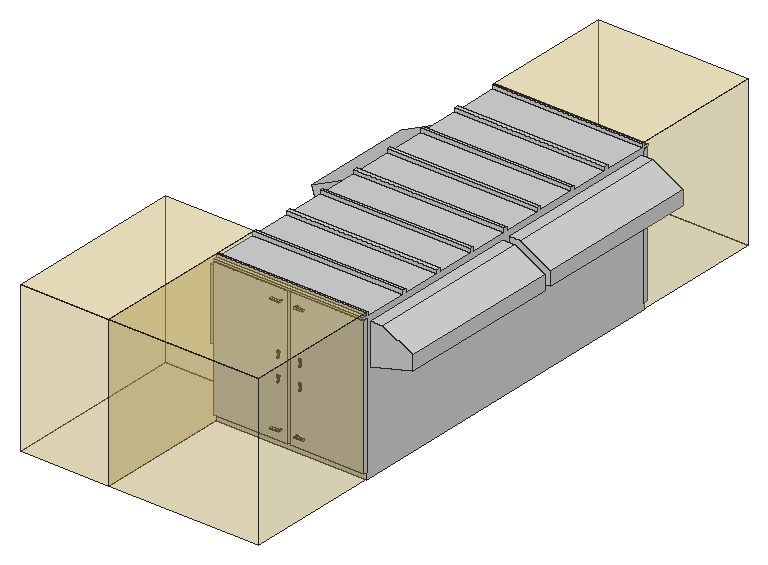
Revit family "Ventilator-RenewAire-Energy-Recovery-LE8XRTV", category Mechanical Equipment, Revit 2015
Parameters (values of type "3.0 HP 208-230V Single Phase")
  Voltage = "208-230"
  Ventilation Type = "Static Plate, Heat and Humidity Transfer"
  Unit Width = "165-1/2\""
  Unit Weight - Modular = "1,311-1806 lbs."
  Unit Weight - Assembled = "2,625-3,453 lbs."
  Unit Length = "111-1/4\""
  Unit Height = "71-1/4\""
  Unit = Metal - RenewAire - Anodized - Gray Text
  URL = "www.renewaire.com"
  Typical Airflow Range = "2,000 - 8,800 CFM"
  Standard Features = "TEFC Premium efficiency motors, Motor starters, Non-fused disconnect, 24 VAC transformer/relay package"
  Shipping Weight - Assembled = "3,812 lbs."
  Service Area Visibility = yes
  Service Area Box = Interference - RenewAire - Smooth - Light - Gold
  Revit Object Download Link = ""
  Phase = "Single"
  Options = "Integrated programmable controls, Fused disconnect, Double wall construction, Factory supplied and mounted variable frequency drives (VFDs) - one or both airstreams, Class 1 low-leakage motorized isolation dampers - OA, RA or both airstreams, Qty. 2 Factory mounted filter alarms, Exterior Paint - white, custom colors, Spring Vibration Isolators"
  Number Motors = "Qty. 2, Belt drive blower/ standard motor packages with choice of adjustable sheaves for low, medium or high blower speed"
  Model = "LE8XRTV"
  Minimum Circuit Amps = "33.1 A"
  Maximum Overcurrent Protection = "40 A"
  Max. Shipping Height - Modular = "78\""
  Max. Shipping Width - Assembled = "90\""
  Max. Shipping Weight - Module 2 = "1,917 lbs."
  Max. Shipping Weight - Module 1 = "1,986 lbs."
  Max. Shipping Width - Modular = "90\""
  Max. Shipping Length - Assembled = "200\""
  Max. Shipping Length - Modular = "100\""
  Max. Shipping Height - Assembled = "78\""
  Manufacturer = "RenewAire LLC"
  Frequency = "60 HZ"
  FLA per Motor = "14.7 - 14"
  Description = "Energy Recovery Ventilator"
  Connector Base Material = Glass - With - Transparency
  Accessories = "Filters - MERV 13, 2\" or 4\"; MERV 8, 4\"  (shipped loose), Roof curb - standard 14\", Curb wind clip, Engineered combo curb for Carrier RTU, Engineered combo curb for Trane RTU, Digital time clock - wall mount(TC7D-W), in exterior enclosure (TC7D-E), Motion occupancy control - ceiling mount(MC-C), wall mount(MC-W), Carbon Dioxide control - duct mount(CO2-D), wall mount (CO2-W), Electric duct heater – EK series (1-60 kW), EH series (61-175 kW); designed for indoor ductwork installation only, Indirect gas-fired duct furnace - GH series (50-400 MBH), installed downstream of any fans"
  AHRI 1060 Certified Core = "Eight L125-G5"
Types (11): name | Voltage | Phase | Minimum Circuit Amps | Maximum Overcurrent Protection | FLA per Motor | Accessories
  (no name) | "208-230" | "Single" | "33.1 A" | "40 A" | "14.7 - 14" | "Filters - MERV 13, 2\" or 4\"; MERV 8, 4\"  (shipped loose), Roof curb - standard 14\", Curb wind clip, Engineered combo curb for Carrier RTU, Engineered combo curb for Trane RTU, Digital time clock - wall mount(TC7D-W), in exterior enclosure (TC7D-E), Motion occupancy control - ceiling mount(MC-C), wall mount(MC-W), Carbon Dioxide control - duct mount(CO2-D), wall mount (CO2-W), Electric duct heater – EK series (1-60 kW), EH series (61-175 kW); designed for indoor ductwork installation only, Indirect gas-fired duct furnace - GH series (50-400 MBH), installed downstream of any fans"
  3.0 HP 208-230V Single Phase | "208-230" | "Single" | "33.1 A" | "40 A" | "14.7 - 14" | "Filters - MERV 13, 2\" or 4\"; MERV 8, 4\"  (shipped loose), Roof curb - standard 14\", Curb wind clip, Engineered combo curb for Carrier RTU, Engineered combo curb for Trane RTU, Digital time clock - wall mount(TC7D-W), in exterior enclosure (TC7D-E), Motion occupancy control - ceiling mount(MC-C), wall mount(MC-W), Carbon Dioxide control - duct mount(CO2-D), wall mount (CO2-W), Electric duct heater – EK series (1-60 kW), EH series (61-175 kW); designed for indoor ductwork installation only, Indirect gas-fired duct furnace - GH series (50-400 MBH), installed downstream of any fans"
  3.0 HP 208-230V Three Phase | "208-230" | "Three" | "21.1 A" | "25 A" | "9.38-8.48" | "Filters - MERV 13, 2\" or 4\"; MERV 8, 4\"  (shipped loose), Roof curb - standard 14\", Curb wind clip, Engineered combo curb for Carrier RTU, Engineered combo curb for Trane RTU, Digital time clock - wall mount(TC7D-W), in exterior enclosure (TC7D-E), Motion occupancy control - ceiling mount(MC-C), wall mount(MC-W), Carbon Dioxide control - duct mount(CO2-D), wall mount (CO2-W), Electric duct heater – EK series (1-60 kW); designed for indoor ductwork installation only, EH series (61-175 kW), Indirect gas-fired duct furnace - GH series (50-400 MBH), installed downstream of any fans"
  3.0 HP 460V Three Phase | "460" | "Three" | "9.5 A" | "15 A" | "4.24" | "Filters - MERV 13, 2\" or 4\"; MERV 8, 4\"  (shipped loose), Roof curb - standard 14\", Curb wind clip, Engineered combo curb for Carrier RTU, Engineered combo curb for Trane RTU, Digital time clock - wall mount(TC7D-W), in exterior enclosure (TC7D-E), Motion occupancy control - ceiling mount(MC-C), wall mount(MC-W), Carbon Dioxide control - duct mount(CO2-D), wall mount (CO2-W), Electric duct heater – EK series (1-60 kW); designed for indoor ductwork installation only, EH series (61-175 kW), Indirect gas-fired duct furnace - GH series (50-400 MBH), installed downstream of any fans"
  3.0 HP 575V Three Phase | "575" | "Three" | "7.4 A" | "15 A" | "3.3" | "Filters - MERV 13, 2\" or 4\"; MERV 8, 4\"  (shipped loose), Roof curb - standard 14\", Curb wind clip, Engineered combo curb for Carrier RTU, Engineered combo curb for Trane RTU, Digital time clock - wall mount(TC7D-W), in exterior enclosure (TC7D-E), Motion occupancy control - ceiling mount(MC-C), wall mount(MC-W), Carbon Dioxide control - duct mount(CO2-D), wall mount (CO2-W), Electric duct heater – EK series (1-60 kW); designed for indoor ductwork installation only, EH series (61-175 kW), Indirect gas-fired duct furnace - GH series (50-400 MBH), installed downstream of any fans"
  5.0 HP 208-230V Three Phase | "208-230" | "Three" | "32.6 A" | "45 A" | "14.5-13.4" | "Filters - MERV 13, 2\" or 4\"; MERV 8, 4\"  (shipped loose), Roof curb - standard 14\", Curb wind clip, Engineered combo curb for Carrier RTU, Engineered combo curb for Trane RTU, Digital time clock - wall mount(TC7D-W), in exterior enclosure (TC7D-E), Motion occupancy control - ceiling mount(MC-C), wall mount(MC-W), Carbon Dioxide control - duct mount(CO2-D), wall mount (CO2-W), Electric duct heater – EK series (1-60 kW); designed for indoor ductwork installation only, EH series (61-175 kW), Indirect gas-fired duct furnace - GH series (50-400 MBH), installed downstream of any fans"
  5.0 HP 460V Three Phase | "460" | "Three" | "15.1 A" | "20 A" | "6.7" | "Filters - MERV 13, 2\" or 4\"; MERV 8, 4\"  (shipped loose), Roof curb - standard 14\", Curb wind clip, Engineered combo curb for Carrier RTU, Engineered combo curb for Trane RTU, Digital time clock - wall mount(TC7D-W), in exterior enclosure (TC7D-E), Motion occupancy control - ceiling mount(MC-C), wall mount(MC-W), Carbon Dioxide control - duct mount(CO2-D), wall mount (CO2-W), Electric duct heater – EK series (1-60 kW); designed for indoor ductwork installation only, EH series (61-175 kW), Indirect gas-fired duct furnace - GH series (50-400 MBH), installed downstream of any fans"
  5.0 HP 575V Three Phase | "575" | "Three" | "11.9 A" | "15 A" | "5.3" | "Filters - MERV 13, 2\" or 4\"; MERV 8, 4\"  (shipped loose), Roof curb - standard 14\", Curb wind clip, Engineered combo curb for Carrier RTU, Engineered combo curb for Trane RTU, Digital time clock - wall mount(TC7D-W), in exterior enclosure (TC7D-E), Motion occupancy control - ceiling mount(MC-C), wall mount(MC-W), Carbon Dioxide control - duct mount(CO2-D), wall mount (CO2-W), Electric duct heater – EK series (1-60 kW); designed for indoor ductwork installation only, EH series (61-175 kW), Indirect gas-fired duct furnace - GH series (50-400 MBH), installed downstream of any fans"
  7.5 HP 208-230V Three Phase | "208-230" | "Three" | "47.3 A" | "60 A" | "21.0-19.0" | "Filters - MERV 13, 2\" or 4\"; MERV 8, 4\"  (shipped loose), Roof curb - standard 14\", Curb wind clip, Engineered combo curb for Carrier RTU, Engineered combo curb for Trane RTU, Digital time clock - wall mount(TC7D-W), in exterior enclosure (TC7D-E), Motion occupancy control - ceiling mount(MC-C), wall mount(MC-W), Carbon Dioxide control - duct mount(CO2-D), wall mount (CO2-W), Electric duct heater – EK series (1-60 kW); designed for indoor ductwork installation only, EH series (61-175 kW), Indirect gas-fired duct furnace - GH series (50-400 MBH), installed downstream of any fans\r\nFilters - MERV 13, 2\" or 4\"; MERV 8, 4\"  (shipped loose), Roof curb - standard 14\", Curb wind clip, Engineered combo curb for Carrier RTU, Engineered combo curb for Trane RTU, Digital time clock - wall mount(TC7D-W), in exterior enclosure (TC7D-E), Motion occupancy control - ceiling mount(MC-C), wall mount(MC-W), Carbon Dioxide control - duct mount(CO2-D), wall mount (CO2-W), Electric duct heater – EK series (1-60 kW); designed for indoor ductwork installation only, EH series (61-175 kW), Indirect gas-fired duct furnace - GH series (50-400 MBH), installed downstream of any fans"
  7.5 HP 460V Three Phase | "460" | "Three" | "21.4 A" | "25 A" | "9.5" | "Filters - MERV 13, 2\" or 4\"; MERV 8, 4\"  (shipped loose), Roof curb - standard 14\", Curb wind clip, Engineered combo curb for Carrier RTU, Engineered combo curb for Trane RTU, Digital time clock - wall mount(TC7D-W), in exterior enclosure (TC7D-E), Motion occupancy control - ceiling mount(MC-C), wall mount(MC-W), Carbon Dioxide control - duct mount(CO2-D), wall mount (CO2-W), Electric duct heater – EK series (1-60 kW); designed for indoor ductwork installation only, EH series (61-175 kW), Indirect gas-fired duct furnace - GH series (50-400 MBH), installed downstream of any fans"
  7.5 HP 575V Three Phase | "575" | "Three" | "17.1 A" | "20 A" | "7.6" | "Filters - MERV 13, 2\" or 4\"; MERV 8, 4\"  (shipped loose), Roof curb - standard 14\", Curb wind clip, Engineered combo curb for Carrier RTU, Engineered combo curb for Trane RTU, Digital time clock - wall mount(TC7D-W), in exterior enclosure (TC7D-E), Motion occupancy control - ceiling mount(MC-C), wall mount(MC-W), Carbon Dioxide control - duct mount(CO2-D), wall mount (CO2-W), Electric duct heater – EK series (1-60 kW); designed for indoor ductwork installation only, EH series (61-175 kW), Indirect gas-fired duct furnace - GH series (50-400 MBH), installed downstream of any fans"
Reference planes (in)
  plane 1 "Center (Front/Back)": y = 0
  plane 2: z = 0
  plane 3 "Center (Left/Right)": x = 0
Forms (in)
  Extrusion 1, solid, material "Metal - RenewAire - Anodized - Gray Text"
    sketch origin (-0.48313, -25.9375, 75.0345) x (1, 0, 0) y (0, 0, -1)
      loop
        circle (-3.25, 67.0345) r 0.25
    from -56.3125 to -55.5625
  Extrusion 2, solid, material "Metal - RenewAire - Anodized - Gray Text"
    sketch origin (-0.48313, -25.9375, 75.0345) x (0, 1, 0) y (0, 0, -1)
      loop
        line (-56.3125, 67.2845) -> (-57.1875, 67.2845) -> (-57.1875, 66.7845) -> (-56.3125, 66.7845) -> (-56.3125, 67.2845)
    from 2.95437 to 7.02735
  Extrusion 3, solid, material "Metal - RenewAire - Anodized - Gray Text"
    sketch origin (-0.4375, -25.9375, 128.569) x (1, 0, 0) y (0, 0, -1)
      loop
        circle (-3.25, 67.0345) r 0.25
    from -56.3125 to -55.5625
  Extrusion 4, solid, material "Metal - RenewAire - Anodized - Gray Text"
    sketch origin (-0.48313, -25.9375, 128.569) x (0, 1, 0) y (0, 0, -1)
      loop
        line (-56.3125, 67.2845) -> (-57.1875, 67.2845) -> (-57.1875, 66.7845) -> (-56.3125, 66.7845) -> (-56.3125, 67.2845)
    from 2.95437 to 7.02735
  Extrusion 5, solid, material "Interference - RenewAire - Smooth - Light - Gold", visible <- "Service Area Visibility"
    sketch origin (19.25, -20, 0) x (1, 0, 0) y (0, 1, 0)
      loop
        line (-53.875, -38.125) -> (-94.8125, -38.125) -> (-94.8125, -122.25) -> (-53.875, -122.25) -> (-53.875, -38.125)
    from 0 to 69.25
  Extrusion 6, solid, material "Interference - RenewAire - Smooth - Light - Gold", visible <- "Service Area Visibility"
    sketch origin (0, -65.75, 0) x (1, 0, 0) y (0, 1, 0)
      loop
        line (34.625, -14.25) -> (-34.625, -14.25) -> (-34.625, -76.5) -> (34.625, -76.5) -> (34.625, -14.25)
    from 0 to 69.25
  Extrusion 7, solid, material "Metal - RenewAire - Anodized - Gray Text"
    sketch origin (0, 0, 0) x (0, 1, 0) y (0, 0, 1)
      loop
        line (79.25, 67.5) -> (58.95, 67.5) -> (58.95, 69.25) -> (57.45, 69.25) -> (57.45, 67.5) -> (39.55, 67.5) -> (39.55, 69.25) -> (38.05, 69.25) -> (38.05, 67.5) -> (20.15, 67.5) -> (20.15, 69.25) -> (18.65, 69.25) -> (18.65, 67.5) -> (0.75, 67.5) -> (0.75, 69.25) -> (-0.75, 69.25) -> (-0.75, 67.5) -> (-18.65, 67.5) -> (-18.65, 69.25) -> (-20.15, 69.25) -> (-20.15, 67.5) -> (-38.05, 67.5) -> (-38.05, 69.25) -> (-39.55, 69.25) -> (-39.55, 67.5) -> (-57.525, 67.5) -> (-57.525, 69.25) -> (-59.025, 69.25) -> (-59.025, 67.5) -> (-79.25, 67.5) -> (-79.25, 69.25) -> (-80, 69.25) -> (-80, 67.75) -> (-82, 67.75) -> (-82, 67) -> (-80, 67) -> (-80, 0) -> (80, 0) -> (80, 67) -> (82, 67) -> (82, 67.75) -> (80, 67.75) -> (80, 69.25) -> (79.25, 69.25) -> (79.25, 67.5)
    from -34.625 to 34.625
  Extrusion 8, solid, material "Interference - RenewAire - Smooth - Light - Gold", visible <- "Service Area Visibility"
    sketch origin (0, -12.65268, 0) x (1, 0, 0) y (0, 1, 0)
      loop
        line (34.625, 152.90268) -> (-34.625, 152.90268) -> (-34.625, 92.65268) -> (34.625, 92.65268) -> (34.625, 152.90268)
    from 0 to 69.25
  Extrusion 9, solid, material "Metal - RenewAire - Anodized - Gray Text"
    sketch origin (0, 0, 0) x (1, 0, 0) y (0, 0, 1)
      loop
        line (-34.625, 66.5) -> (-34.625, 3) -> (-0.5625, 3) -> (-0.5625, 66.5) -> (-34.625, 66.5)
    from 80 to 81.5
  Extrusion 10, solid, material "Metal - RenewAire - Anodized - Gray Text"
    sketch origin (-6.80202, 0, 0) x (1, 0, 0) y (0, 0, 1)
      loop
        line (7.36452, 66.5) -> (7.36452, 3) -> (41.42702, 3) -> (41.42702, 66.5) -> (7.36452, 66.5)
    from 80 to 81.5
  Extrusion 11, solid, material "Metal - RenewAire - Anodized - Gray Text"
    sketch origin (0, 0, 0) x (1, 0, 0) y (0, 0, 1)
      loop
        line (-34.625, 66.5) -> (-34.625, 3) -> (-0.5625, 3) -> (-0.5625, 66.5) -> (-34.625, 66.5)
    from -81.5 to -80
  Extrusion 12, solid, material "Metal - RenewAire - Anodized - Gray Text"
    sketch origin (-6.80202, 0, 0) x (1, 0, 0) y (0, 0, 1)
      loop
        line (7.36452, 66.5) -> (7.36452, 3) -> (41.42702, 3) -> (41.42702, 66.5) -> (7.36452, 66.5)
    from -81.5 to -80
  Extrusion 13, solid, material "Metal - RenewAire - Anodized - Gray Text"
    sketch origin (0, -20, 0) x (0, 1, 0) y (0, 0, 1)
      loop
        line (-38.125, 62) -> (-57.5, 62) -> (-57.5, 29.625) -> (-38.125, 29.625) -> (-38.125, 62)
    from -39.5625 to -34.625
  Extrusion 14, solid, material "Metal - RenewAire - Anodized - Gray Text"
    sketch origin (0, -20, 0) x (0, 1, 0) y (0, 0, 1)
      loop
        line (-49, 43.625) -> (-51.5, 43.625) -> (-51.5, 41.125) -> (-49, 41.125) -> (-49, 43.625)
    from -39.8125 to -39.5625
  Extrusion 15, solid, material "Metal - RenewAire - Anodized - Gray Text"
    sketch origin (0, -20, 0) x (0, 1, 0) y (0, 0, 1)
      loop
        circle (-50.24745, 42.375) r 1
    from -40.8125 to -39.8125
  Extrusion 16, solid, material "Metal - RenewAire - Anodized - Gray Text"
    sketch origin (0.48313, -25.9375, 75.0345) x (-1, 0, 0) y (0, 0, 1)
      loop
        circle (-3.25, -67.0345) r 0.25
    from -56.3125 to -55.5625
  Extrusion 17, solid, material "Metal - RenewAire - Anodized - Gray Text"
    sketch origin (0.48313, -25.9375, 75.0345) x (0, 1, 0) y (0, 0, 1)
      loop
        line (-56.3125, -67.2845) -> (-56.3125, -66.7845) -> (-57.1875, -66.7845) -> (-57.1875, -67.2845) -> (-56.3125, -67.2845)
    from 2.95437 to 7.02735
  Extrusion 18, solid, material "Metal - RenewAire - Anodized - Gray Text"
    sketch origin (0.4375, -25.9375, 128.569) x (-1, 0, 0) y (0, 0, 1)
      loop
        circle (-3.25, -67.0345) r 0.25
    from -56.3125 to -55.5625
  Extrusion 19, solid, material "Metal - RenewAire - Anodized - Gray Text"
    sketch origin (0.48313, -25.9375, 128.569) x (0, 1, 0) y (0, 0, 1)
      loop
        line (-56.3125, -67.2845) -> (-56.3125, -66.7845) -> (-57.1875, -66.7845) -> (-57.1875, -67.2845) -> (-56.3125, -67.2845)
    from 2.95437 to 7.02735
  Extrusion 20, solid, material "Metal - RenewAire - Anodized - Gray Text"
    sketch origin (-0.48313, 25.9375, 75.0345) x (1, 0, 0) y (0, 0, 1)
      loop
        circle (-3.25, -67.0345) r 0.25
    from -56.3125 to -55.5625
  Extrusion 21, solid, material "Metal - RenewAire - Anodized - Gray Text"
    sketch origin (-0.48313, 25.9375, 75.0345) x (0, -1, 0) y (0, 0, 1)
      loop
        line (-56.3125, -67.2845) -> (-56.3125, -66.7845) -> (-57.1875, -66.7845) -> (-57.1875, -67.2845) -> (-56.3125, -67.2845)
    from 2.95437 to 7.02735
  Extrusion 22, solid, material "Metal - RenewAire - Anodized - Gray Text"
    sketch origin (-0.4375, 25.9375, 128.569) x (1, 0, 0) y (0, 0, 1)
      loop
        circle (-3.25, -67.0345) r 0.25
    from -56.3125 to -55.5625
  Extrusion 23, solid, material "Metal - RenewAire - Anodized - Gray Text"
    sketch origin (-0.48313, 25.9375, 128.569) x (0, -1, 0) y (0, 0, 1)
      loop
        line (-56.3125, -67.2845) -> (-56.3125, -66.7845) -> (-57.1875, -66.7845) -> (-57.1875, -67.2845) -> (-56.3125, -67.2845)
    from 2.95437 to 7.02735
  Extrusion 24, solid, material "Metal - RenewAire - Anodized - Gray Text"
    sketch origin (0.48313, 25.9375, 75.0345) x (-1, 0, 0) y (0, 0, -1)
      loop
        circle (-3.25, 67.0345) r 0.25
    from -56.3125 to -55.5625
  Extrusion 25, solid, material "Metal - RenewAire - Anodized - Gray Text"
    sketch origin (0.48313, 25.9375, 75.0345) x (0, -1, 0) y (0, 0, -1)
      loop
        line (-56.3125, 67.2845) -> (-57.1875, 67.2845) -> (-57.1875, 66.7845) -> (-56.3125, 66.7845) -> (-56.3125, 67.2845)
    from 2.95437 to 7.02735
  Extrusion 26, solid, material "Metal - RenewAire - Anodized - Gray Text"
    sketch origin (0.4375, 25.9375, 128.569) x (-1, 0, 0) y (0, 0, -1)
      loop
        circle (-3.25, 67.0345) r 0.25
    from -56.3125 to -55.5625
  Extrusion 27, solid, material "Metal - RenewAire - Anodized - Gray Text"
    sketch origin (0.48313, 25.9375, 128.569) x (0, -1, 0) y (0, 0, -1)
      loop
        line (-56.3125, 67.2845) -> (-57.1875, 67.2845) -> (-57.1875, 66.7845) -> (-56.3125, 66.7845) -> (-56.3125, 67.2845)
    from 2.95437 to 7.02735
  Extrusion 28, void
    sketch origin (0, 0, 0) x (1, 0, 0) y (0, 1, 0)
      loop
        line (-26.75, -5.375) -> (-26.75, -53.375) -> (-7.75, -53.375) -> (-7.75, -5.375) -> (-26.75, -5.375)
    from -2.22657 to 4.75
  Extrusion 29, void
    sketch origin (0, 0, 0) x (1, 0, 0) y (0, 1, 0)
      loop
        line (2.75, -5.375) -> (2.75, -53.375) -> (26.75, -53.375) -> (26.75, -5.375) -> (2.75, -5.375)
    from -2.22657 to 4.75
  Extrusion 30, solid, material "Metal - RenewAire - Anodized - Gray Text"
    sketch origin (0, 0, 0) x (1, 0, 0) y (0, 0, 1)
      loop
        line (-34.625, 64.375) -> (-56.875, 53.375) -> (-51.875, 37) -> (-34.625, 37) -> (-34.625, 64.375)
    from -54.75 to -2.75
  Extrusion 31, solid, material "Metal - RenewAire - Anodized - Gray Text"
    sketch origin (0, 0, 0) x (1, 0, 0) y (0, 0, 1)
      loop
        line (34.625, 65) -> (34.625, 46) -> (54.25, 51) -> (54.25, 57.5) -> (40.375, 65) -> (34.625, 65)
    from 2 to 78
  Extrusion 32, solid, material "Metal - RenewAire - Anodized - Gray Text"
    sketch origin (0, 0, 0) x (1, 0, 0) y (0, 0, 1)
      loop
        line (34.625, 65) -> (34.625, 46) -> (54.25, 51) -> (54.25, 57.5) -> (40.375, 65) -> (34.625, 65)
    from -78 to -2
  Extrusion 33, void
    sketch origin (0.125, 0, 0) x (1, 0, 0) y (0, 1, 0)
      loop
        line (-34.125, 78.75) -> (-34.125, -78.75) -> (34.125, -78.75) -> (34.125, 78.75) -> (-34.125, 78.75)
    from -6.73982 to 4.625
Cuts and joins
  Extrusion 28, Extrusion 29, Extrusion 33 cuts Extrusion 7
Dimensions and locks (in)
  aligned and locked: level to plane 2
  aligned and locked: Extrusion 6 to Extrusion 10
  aligned and locked: Extrusion 6 to Extrusion 12
  aligned and locked: Extrusion 6 to Extrusion 7  (x2)
Nested families (in)
  nested 1: "Monitoring Port" at (-5.0625, -81.5, 27.071), type "Monitoring Port"
  nested 2: "Monitoring Port" at (-5.0625, -81.5, 37.1055), type "Monitoring Port"
  nested 3: "Monitoring Port" at (5.0625, -81.5, 27.071) x (-1, 0, 0) z (0, 0, 1), type "Monitoring Port"
  nested 4: "Monitoring Port" at (5.0625, -81.5, 37.1055) x (-1, 0, 0) z (0, 0, 1), type "Monitoring Port"
  nested 5: "Monitoring Port" at (-5.0625, 81.5, 27.071), type "Monitoring Port"
  nested 6: "Monitoring Port" at (-5.0625, 81.5, 37.1055), type "Monitoring Port"
  nested 7: "Monitoring Port" at (5.0625, 81.5, 27.071) x (-1, 0, 0) z (0, 0, 1), type "Monitoring Port"
  nested 8: "Monitoring Port" at (5.0625, 81.5, 37.1055) x (-1, 0, 0) z (0, 0, 1), type "Monitoring Port"
Connectors (in)
  hvac at (-17.25, -29.375, 4.625)
    settings: on cut or joined group of Extrusion 7, Extrusion 28, Extrusion 29, Extrusion 33, index 3, duct flow 0 CFM, flow factor 0, pres drop 0.00 in-wg, loss coef 0, conn angle 0.00°, conn width 48", conn height 19", conn diameter 24", duct sys type 1, conn prof type 1, flow config 0, flow direction 2, loss method 0, conn ref index -1, conn util no, is conn primary yes, conn desc "FA (Fresh Air)"
  hvac at (14.75, -29.375, 4.625)
    settings: on cut or joined group of Extrusion 7, Extrusion 28, Extrusion 29, Extrusion 33, index 4, duct flow 0 CFM, flow factor 0, pres drop 0.00 in-wg, loss coef 0, conn angle 0.00°, conn width 48", conn height 24", conn diameter 24", duct sys type 2, conn prof type 1, flow config 0, flow direction 1, loss method 0, conn ref index -1, conn util no, is conn primary no, conn desc "RA (Return Air)"
Definition of nested family "Monitoring Port"
  Parameters (values of type "Monitoring Port")
    URL = "www.renewaire.com"
    Revit Object Download Link = ""
    Model = ""
    Manufacturer = "RenewAire LLC"
    Description = "Monitoring Ports"
  Reference planes (in)
    plane 1 "Center (Front/Back)": y = 0
    plane 2: z = 0
    plane 3 "Center (Left/Right)": x = 0
  Forms (in)
    Extrusion 1, solid
      sketch origin (-9.43348, 0, 37.76669) x (-1, 0, 0) y (0, 0, -1)
        loop
          line (-9.53348, 35.65895) -> (-9.94097, 35.42369) -> (-9.94097, 34.83769) -> (-9.43348, 34.54469) -> (-8.92599, 34.83769) -> (-8.92599, 35.42369) -> (-9.33348, 35.65895) -> (-9.33348, 37.28756)
          arc (-9.33348, 37.28756) -> (-9.43348, 37.76669) -> (-9.53348, 37.28756) r 0.25
          line (-9.53348, 37.28756) -> (-9.53348, 35.65895)
      from 0 to 0.25
  Dimensions and locks (in)
    aligned and locked: level to plane 2
